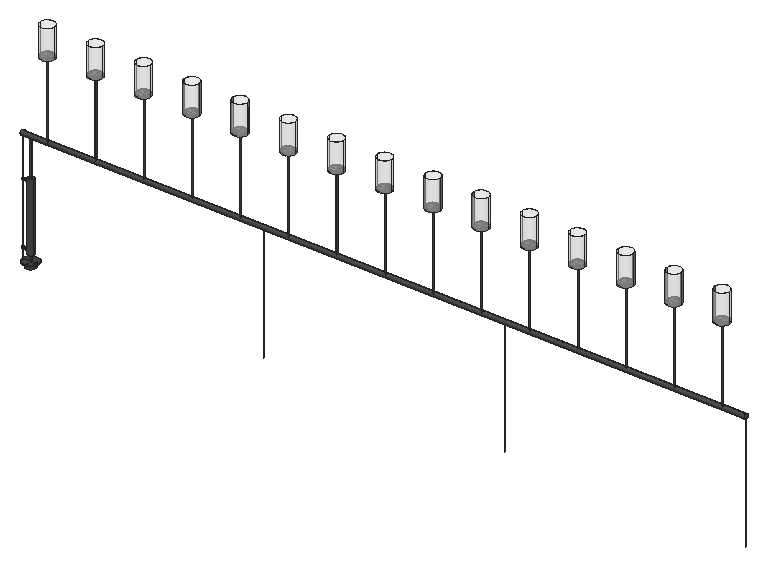
Revit family "Indoor_Pendant Lamp_Santa&Cole_Cirio Lineal", category Luminarias, Revit 2018
Family settings
  Cota de conector redondo = Diámetro de uso
  Tipo de pieza = Normal
  Corte con vacíos al cargar = No
  Origen de luz = No
  Compartido = No
  Punto de cálculo de habitación = No
Parameters (values of type "White Porcelain")
  Voltaje (120-277 V) = 220 V
  Lamp Structure Length [instance] = if([built-in parameter 1001306] > 5050 mm, 5050 mm, if([built-in parameter 1001306] > 3370 mm, 3370 mm, 1690 mm))  # 5050 mm
  User Hanging Length [instance] = 1660 mm
  URL = "https://www.santacole.com/en/catalogue/pendant-lamps/?cirio-lineal"
  Technical Information = "https://www.santacole.com/en/catalogue/pendant-lamps/?cirio-lineal#"
  Support Length [instance] = Hanging Length - 735 mm  # 815 mm
  Modelo = "Cirio Lineal"
  Manufacturer Website = "https://www.santacole.com/en/"
  built-in parameter 1001306 [instance] = 5900 mm
  Load [instance] = Amount of Supports * 3.7 VA  # 14.8 VA
  Lampshade Type = Cirio Lampshade : Porcelain Lampshade
  Lampshade Number [instance] = if([built-in parameter 1001306] > 5050 mm, 15, if([built-in parameter 1001306] > 3370 mm, 10, 5))  # 15
  Hanging Length [instance] = if(User Hanging Length > 1550 mm, 1550 mm, if(User Hanging Length > 615 mm, User Hanging Length, 615 mm))  # 1550 mm
  Fabricante = "Santa & Cole"
  Energy Label = "https://www.santacole.com/recursos/productos/downloads/pdf_energy_label/Energy%20Label_CIRIO_LED_no%20changed.pdf"
  Designed by = "Antoni Arola"
  Contact phone = "+34.938.619.100"
  Contact e-mail = "info@santacole.com"
  Code = ""
  Carga aparente = 0 VA
  Canopy Type [instance] = Structure : Circular Canopy
  Assembly Instructions - UL = "https://www.santacole.com/recursos/productos/downloads/pdf_montaje/CIRIO_Linea_im_UL.pdf"
  Assembly Instructions - CE = "https://www.santacole.com/recursos/productos/downloads/pdf_montaje/CIRIO_Linea_im_CE.pdf"
  Amount of Supports [instance] = if([built-in parameter 1001306] > 5050 mm, 4, if([built-in parameter 1001306] > 3370 mm, 3, 2))  # 4
Types (3, lengths in mm): name | Lampshade Type
  White Porcelain | Cirio Lampshade : Porcelain Lampshade
  Brass | Cirio Lampshade : Brass Lampshade
  White Opal Glass | Cirio Lampshade : White Opal Glass Lampshade
Reference planes
  plane 1 "Centro (Frontal/Posterior)": y = 0
  plane 2: z = 0
  plane 3 "Izquierda": x = 0
  plane 4 "Derecha": x = 5900
  plane 5: x = 5050
  plane 6: z = 1550
  plane 7: z = 1660
  plane 8: z = 815
Forms (mm)
  Sweep 1, solid, material "Santa&Cole - Black Matte Finish"
    path origin (0, 0, 0) x (1, 0, 0) y (0, 0, 1)
      loop
        line (0, 815) -> (5050, 815)
    profile origin (2525, 0, 815) x (0, 0, 1) y (0, -1, 0)
      loop
        circle (0, 0) r 15
  Extrusion 2, solid, material "Santa&Cole - Black Matte Finish"
    sketch origin (5, 0, 0) x (1, 0, 0) y (0, 1, 0)
      loop
        circle (0, 0) r 1
    from 0 to 815 <- "Support Length"
  Extrusion 3, solid, material "Santa&Cole - Black Matte Finish"
    sketch origin (1685, 0, 0) x (1, 0, 0) y (0, 1, 0)
      loop
        circle (0, 0) r 1
    from 0 to 815 <- "Support Length"
  Extrusion 4, solid, material "Santa&Cole - Black Matte Finish"
    sketch origin (3365, 0, 0) x (1, 0, 0) y (0, 1, 0)
      loop
        circle (0, 0) r 1
    from 0 to 815 <- "Support Length"
  Extrusion 5, solid, material "Santa&Cole - Black Matte Finish"
    sketch origin (5045, 0, 0) x (1, 0, 0) y (0, 1, 0)
      loop
        circle (0, 0) r 1
    from 0 to 815 <- "Support Length"
Lines and regions (mm)
  reference lines
    curve 1: line (0, 0, 0) -> (5900, 0, 0)
Dimensions and locks
  "built-in parameter 1001306": plane 3 "Izquierda" to plane 4 "Derecha"
  "Hanging Length": plane 6 to plane 2
  "User Hanging Length": plane 7 to plane 2
  "built-in parameter 1001306": plane 4 "Derecha" to plane 3 "Izquierda"
  "Lamp Structure Length": plane 5 to plane 3 "Izquierda"
  locked: plane 6 to plane 8 at 735
  equal spacing: group 1, group 2, group 3, group 4, group 5, group 8, group 9, group 10, group 11, group 12, group 14, group 15, group 16, group 17, group 18  (x3)
  equal spacing: group 6, group 7, group 13, group 19  (x3)
  aligned and locked: plane 4 "Derecha" to curve 1
  aligned and locked: plane 1 "Centro (Frontal/Posterior)" to curve 1
  aligned and locked: plane 3 "Izquierda" to curve 1
  aligned and locked: level to plane 2
  aligned and locked: plane 8 to nested 16
  aligned and locked: plane 5 to Sweep 1 sketch curve
  aligned and locked: plane 3 "Izquierda" to Sweep 1 sketch curve
Automatic sketch dimensions
  Sweep 1 sketch curve to plane 1 "Centro (Frontal/Posterior)" = 0 mm
  profile plane to Sweep 1 sketch curve = 0 mm
  Sweep 1 sketch curve to plane 8 = 0 mm
  radius of Sweep 1 sketch curve = 15 mm
  radius of Extrusion 2 sketch curve = 1 mm
  radius of Extrusion 3 sketch curve = 1 mm
  radius of Extrusion 4 sketch curve = 1 mm
  radius of Extrusion 5 sketch curve = 1 mm
Nested families
  nested 1: "Cirio Lampshade" at (178, 0, 1550) x (-1, 0, 0) z (0, 0, -1), type <- "Lampshade Type", type "Porcelain Lampshade"
  nested 2: "Cirio Lampshade" at (514, 0, 1550) x (-1, 0, 0) z (0, 0, -1), type <- "Lampshade Type", type "Porcelain Lampshade"
  nested 3: "Cirio Lampshade" at (850, 0, 1550) x (-1, 0, 0) z (0, 0, -1), type <- "Lampshade Type", type "Porcelain Lampshade"
  nested 4: "Cirio Lampshade" at (1186, 0, 1550) x (-1, 0, 0) z (0, 0, -1), type <- "Lampshade Type", type "Porcelain Lampshade"
  nested 5: "Cirio Lampshade" at (1522, 0, 1550) x (-1, 0, 0) z (0, 0, -1), type <- "Lampshade Type", type "Porcelain Lampshade"
  nested 6: "LED Capsule with electric black cable" at (178, 0, 815), type "3m"
    with Led Capsule Distance 539.12 mm, Code "HEL03", Cable Offset 0 mm
  nested 7: "LED Capsule with electric black cable" at (514, 0, 815), type "3m"
    with Led Capsule Distance 539.12 mm, Code "HEL03", Cable Offset 0 mm
  nested 8: "LED Capsule with electric black cable" at (850, 0, 815), type "3m"
    with Led Capsule Distance 539.12 mm, Code "HEL03", Cable Offset 0 mm
  nested 9: "LED Capsule with electric black cable" at (1186, 0, 815), type "3m"
    with Led Capsule Distance 539.12 mm, Code "HEL03", Cable Offset 0 mm
  nested 10: "LED Capsule with electric black cable" at (1522, 0, 815), type "3m"
    with Led Capsule Distance 539.12 mm, Code "HEL03", Cable Offset 0 mm
  nested 11: "Bulb" at (177.948, -180, 1415), type "1521 lm"
  nested 12: "Bulb" at (513.948, -180, 1415), type "1521 lm"
  nested 13: "Bulb" at (849.948, -180, 1415), type "1521 lm"
  nested 14: "Bulb" at (1185.948, -180, 1415), type "1521 lm"
  nested 15: "Bulb" at (1521.948, -180, 1415), type "1521 lm"
  nested 16: "Structure" at (61.25, 0, 0), type <- "Canopy Type", type "Circular Canopy"
    with Hanging Heigth 815 mm
  nested 17: "Cirio Lampshade" at (1858, 0, 1550) x (-1, 0, 0) z (0, 0, -1), type <- "Lampshade Type", type "Porcelain Lampshade"
  nested 18: "LED Capsule with electric black cable" at (1858, 0, 815), type "3m"
    with Led Capsule Distance 539.12 mm, Code "HEL03", Cable Offset 0 mm
  nested 19: "Bulb" at (1857.948, -180, 1415), type "1521 lm"
  nested 20: "Cirio Lampshade" at (2194, 0, 1550) x (-1, 0, 0) z (0, 0, -1), type <- "Lampshade Type", type "Porcelain Lampshade"
  nested 21: "LED Capsule with electric black cable" at (2194, 0, 815), type "3m"
    with Led Capsule Distance 539.12 mm, Code "HEL03", Cable Offset 0 mm
  nested 22: "Bulb" at (2193.948, -180, 1415), type "1521 lm"
  nested 23: "Cirio Lampshade" at (2530, 0, 1550) x (-1, 0, 0) z (0, 0, -1), type <- "Lampshade Type", type "Porcelain Lampshade"
  nested 24: "LED Capsule with electric black cable" at (2530, 0, 815), type "3m"
    with Led Capsule Distance 539.12 mm, Code "HEL03", Cable Offset 0 mm
  nested 25: "Bulb" at (2529.948, -180, 1415), type "1521 lm"
  nested 26: "Cirio Lampshade" at (2866, 0, 1550) x (-1, 0, 0) z (0, 0, -1), type <- "Lampshade Type", type "Porcelain Lampshade"
  nested 27: "LED Capsule with electric black cable" at (2866, 0, 815), type "3m"
    with Led Capsule Distance 539.12 mm, Code "HEL03", Cable Offset 0 mm
  nested 28: "Bulb" at (2865.948, -180, 1415), type "1521 lm"
  nested 29: "Cirio Lampshade" at (3202, 0, 1550) x (-1, 0, 0) z (0, 0, -1), type <- "Lampshade Type", type "Porcelain Lampshade"
  nested 30: "LED Capsule with electric black cable" at (3202, 0, 815), type "3m"
    with Led Capsule Distance 539.12 mm, Code "HEL03", Cable Offset 0 mm
  nested 31: "Bulb" at (3201.948, -180, 1415), type "1521 lm"
  nested 32: "Cirio Lampshade" at (3538, 0, 1550) x (-1, 0, 0) z (0, 0, -1), type <- "Lampshade Type", type "Porcelain Lampshade"
  nested 33: "LED Capsule with electric black cable" at (3538, 0, 815), type "3m"
    with Led Capsule Distance 539.12 mm, Code "HEL03", Cable Offset 0 mm
  nested 34: "Bulb" at (3537.948, -180, 1415), type "1521 lm"
  nested 35: "Cirio Lampshade" at (3874, 0, 1550) x (-1, 0, 0) z (0, 0, -1), type <- "Lampshade Type", type "Porcelain Lampshade"
  nested 36: "LED Capsule with electric black cable" at (3874, 0, 815), type "3m"
    with Led Capsule Distance 539.12 mm, Code "HEL03", Cable Offset 0 mm
  nested 37: "Bulb" at (3873.948, -180, 1415), type "1521 lm"
  nested 38: "Cirio Lampshade" at (4210, 0, 1550) x (-1, 0, 0) z (0, 0, -1), type <- "Lampshade Type", type "Porcelain Lampshade"
  nested 39: "LED Capsule with electric black cable" at (4210, 0, 815), type "3m"
    with Led Capsule Distance 539.12 mm, Code "HEL03", Cable Offset 0 mm
  nested 40: "Bulb" at (4209.948, -180, 1415), type "1521 lm"
  nested 41: "Cirio Lampshade" at (4546, 0, 1550) x (-1, 0, 0) z (0, 0, -1), type <- "Lampshade Type", type "Porcelain Lampshade"
  nested 42: "LED Capsule with electric black cable" at (4546, 0, 815), type "3m"
    with Led Capsule Distance 539.12 mm, Code "HEL03", Cable Offset 0 mm
  nested 43: "Bulb" at (4545.948, -180, 1415), type "1521 lm"
  nested 44: "Cirio Lampshade" at (4882, 0, 1550) x (-1, 0, 0) z (0, 0, -1), type <- "Lampshade Type", type "Porcelain Lampshade"
  nested 45: "LED Capsule with electric black cable" at (4882, 0, 815), type "3m"
    with Led Capsule Distance 539.12 mm, Code "HEL03", Cable Offset 0 mm
  nested 46: "Bulb" at (4881.948, -180, 1415), type "1521 lm"
Connectors
  electrical at (60, 0, 0), driven by "Voltaje (120-277 V)", driven by "Carga aparente"
    settings: index 1, voltage 220 V, apparent load 0 VA, apparent load phase1 0 VA, apparent load phase2 0 VA, apparent load phase3 0 VA, power factor 1, load classification "Otro", number of poles 1, system type 31, power factor state 1, is connector primary yes, connector utility no, sub classification motor no, connector description ""
Definition of nested family "Cirio Lampshade"
  Parameters (values of type "Brass Lampshade")
    White Opal Glass Lampshade = no
    Porcelain Lampshade = no
    Default Elevation = 1219.2 mm
    Brass Lampshade = yes
  Types (4, lengths in mm): name | White Opal Glass Lampshade | Porcelain Lampshade | Brass Lampshade
    (no name) | no | no | yes
    White Opal Glass Lampshade | yes | no | no
    Porcelain Lampshade | no | yes | no
    Brass Lampshade | no | no | yes
  Reference planes
    plane 1 "Eje de origen de luz (F/P)": y = 0
    plane 2: z = 0
    plane 3 "Eje de origen de luz (I/D)": x = 0
    plane 4 "Elevación de origen de luz": z = 1500
  Forms (mm)
    Revolve 1, solid, visible <- "White Opal Glass Lampshade"
      sketch origin (0, 0, 205) x (1, 0, 0) y (0, 0, 1)
        loop
          line (-46.5, 0) -> (-55.5, 0) -> (-55.5, -205) -> (-48.5, -205) -> (-48.5, -7)
          arc (-48.5, -7) -> (-47.759, -6.034) -> (-46.634, -6.5) r 1
          arc (-46.634, -6.5) -> (-46.268, -6.866) -> (-45.768, -7) r 1
          line (-45.768, -7) -> (-43, -7) -> (-43, -4) -> (-44.5, -4) -> (-46.5, 0)
        axis (0, -205) -> (0, 0)
      angle from 0 to 360
    Revolve 2, solid, visible <- "Porcelain Lampshade"
      sketch origin (0, 0, 205) x (1, 0, 0) y (0, 0, 1)
        loop
          line (-46.5, 0) -> (-50.5, 0) -> (-50.5, -205) -> (-48.5, -205) -> (-48.5, -7)
          arc (-48.5, -7) -> (-47.759, -6.034) -> (-46.634, -6.5) r 1
          arc (-46.634, -6.5) -> (-46.268, -6.866) -> (-45.768, -7) r 1
          line (-45.768, -7) -> (-43, -7) -> (-43, -4) -> (-44.5, -4) -> (-46.5, 0)
        axis (0, -205) -> (0, 0)
      angle from 0 to 360
    Revolve 3, solid, visible <- "Brass Lampshade"
      sketch origin (0, 0, 205) x (1, 0, 0) y (0, 0, 1)
        loop
          line (-46.5, 0) -> (-50.5, 0) -> (-50.5, -146.81)
          arc (-50.5, -146.81) -> (-50.837, -154.972) -> (-51.847, -163.079) r 98.93
          line (-51.847, -163.079) -> (-58.836, -205) -> (-57.822, -205) -> (-50.86, -163.243)
          arc (-50.86, -163.243) -> (-49.841, -155.055) -> (-49.5, -146.81) r 99.93
          line (-49.5, -146.81) -> (-49.5, -1) -> (-47.118, -1) -> (-45.768, -3.7) -> (-45.768, -7) -> (-43, -7) -> (-43, -4) -> (-44.5, -4) -> (-46.5, 0)
        axis (0, -205) -> (0, 0)
      angle from 0 to 360
  Dimensions and locks
    aligned and locked: level to plane 2
Definition of nested family "LED Capsule with electric black cable"
  Parameters (values of type "8m")
    Manufacturer = "Santa & Cole"
    Led Capsule Distance [instance] = 800 mm
    Default Elevation = 1219.2 mm
    Code [instance] = "HEL08"
    Cable Offset [instance] = 60 mm
  Types (2, lengths in mm): name | Led Capsule Distance | Code
    3m | 758 | "HEL03"
    8m | 800 | "HEL08"
  Reference planes
    plane 1 "Center (Front/Back)": y = 0
    plane 2: z = 0
    plane 3 "Center (Left/Right)": x = 0
    plane 4: z = 800
    plane 5: z = 60
    plane 6: z = 425.743
  Forms (mm)
    Revolve 1, solid
      sketch origin (0, 0, 374.257) x (1, 0, 0) y (0, 0, 1)
        loop
          line (-45.024, 425.743) -> (-44.955, 423.762) -> (-33.806, 423.762) -> (-31.537, 410.891) -> (0, 410.891) -> (0, 425.743) -> (-45.024, 425.743)
        axis (0, 425.743) -> (0, 410.891)
      angle from 0 to 360
    Sweep 2, solid
      path origin (-15, 0, 0) x (1, 0, 0) y (0, 0, 1)
        loop
          line (15, 800) -> (15, 60)
      profile origin (0, 0, 430) x (0, -1, 0) y (1, 0, 0)
        loop
          circle (0, 0) r 3
    Blend 3, void
      base sketch origin (0, 0, 800) x (-1, 0, 0) y (0, -1, 0)
        loop
          arc (1.5, -14.793) -> (0.131, -14.868) -> (-1.238, -14.817) r 14.869
          line (-1.238, -14.817) -> (-6.154, -40.722)
          arc (-6.154, -40.722) -> (0.371, -41.303) -> (6.896, -40.722) r 36.889
          line (6.896, -40.722) -> (1.5, -14.793)
      top sketch origin (0, 0, 800) x (-1, 0, 0) y (0, -1, 0)
        loop
          arc (-6.719, -40.751) -> (0.365, -41.3) -> (7.438, -40.626) r 41.301
          line (7.438, -40.626) -> (1.936, -14.187)
          arc (1.936, -14.187) -> (0.126, -14.318) -> (-1.685, -14.219) r 14.319
          line (-1.685, -14.219) -> (-6.719, -40.751)
      from -4.455 to -14.862
    Blend 4, void
      base sketch origin (0.104, -0.105, 800) x (-0.002123, -0.999998, 0) y (0.999998, -0.002123, 0)
        loop
          arc (1.5, -14.793) -> (0.131, -14.868) -> (-1.238, -14.817) r 14.869
          line (-1.238, -14.817) -> (-6.154, -40.722)
          arc (-6.154, -40.722) -> (0.371, -41.303) -> (6.896, -40.722) r 36.889
          line (6.896, -40.722) -> (1.5, -14.793)
      top sketch origin (0.104, -0.105, 800) x (-0.002123, -0.999998, 0) y (0.999998, -0.002123, 0)
        loop
          arc (-6.719, -40.751) -> (0.365, -41.3) -> (7.438, -40.626) r 41.301
          line (7.438, -40.626) -> (1.936, -14.187)
          arc (1.936, -14.187) -> (0.126, -14.318) -> (-1.685, -14.219) r 14.319
          line (-1.685, -14.219) -> (-6.719, -40.751)
      from -4.455 to -14.862
    Blend 5, void
      base sketch origin (0.008, -0.04, 800) x (-0.924082, -0.382193, 0) y (0.382193, -0.924082, 0)
        loop
          arc (1.5, -14.793) -> (0.131, -14.868) -> (-1.238, -14.817) r 14.869
          line (-1.238, -14.817) -> (-6.154, -40.722)
          arc (-6.154, -40.722) -> (0.371, -41.303) -> (6.896, -40.722) r 36.889
          line (6.896, -40.722) -> (1.5, -14.793)
      top sketch origin (0.008, -0.04, 800) x (-0.924082, -0.382193, 0) y (0.382193, -0.924082, 0)
        loop
          arc (-6.719, -40.751) -> (0.365, -41.3) -> (7.438, -40.626) r 41.301
          line (7.438, -40.626) -> (1.936, -14.187)
          arc (1.936, -14.187) -> (0.126, -14.318) -> (-1.685, -14.219) r 14.319
          line (-1.685, -14.219) -> (-6.719, -40.751)
      from -4.455 to -14.862
    Blend 6, void
      base sketch origin (0.031, -0.074, 800) x (-0.707857, -0.706356, 0) y (0.706356, -0.707857, 0)
        loop
          arc (1.5, -14.793) -> (0.131, -14.868) -> (-1.238, -14.817) r 14.869
          line (-1.238, -14.817) -> (-6.154, -40.722)
          arc (-6.154, -40.722) -> (0.371, -41.303) -> (6.896, -40.722) r 36.889
          line (6.896, -40.722) -> (1.5, -14.793)
      top sketch origin (0.031, -0.074, 800) x (-0.707857, -0.706356, 0) y (0.706356, -0.707857, 0)
        loop
          arc (-6.719, -40.751) -> (0.365, -41.3) -> (7.438, -40.626) r 41.301
          line (7.438, -40.626) -> (1.936, -14.187)
          arc (1.936, -14.187) -> (0.126, -14.318) -> (-1.685, -14.219) r 14.319
          line (-1.685, -14.219) -> (-6.719, -40.751)
      from -4.455 to -14.862
    Blend 7, void
      base sketch origin (0.064, -0.097, 800) x (-0.384154, -0.923269, 0) y (0.923269, -0.384154, 0)
        loop
          arc (1.5, -14.793) -> (0.131, -14.868) -> (-1.238, -14.817) r 14.869
          line (-1.238, -14.817) -> (-6.154, -40.722)
          arc (-6.154, -40.722) -> (0.371, -41.303) -> (6.896, -40.722) r 36.889
          line (6.896, -40.722) -> (1.5, -14.793)
      top sketch origin (0.064, -0.097, 800) x (-0.384154, -0.923269, 0) y (0.923269, -0.384154, 0)
        loop
          arc (-6.719, -40.751) -> (0.365, -41.3) -> (7.438, -40.626) r 41.301
          line (7.438, -40.626) -> (1.936, -14.187)
          arc (1.936, -14.187) -> (0.126, -14.318) -> (-1.685, -14.219) r 14.319
          line (-1.685, -14.219) -> (-6.719, -40.751)
      from -4.455 to -14.862
    Blend 8, void
      base sketch origin (0.144, -0.097, 800) x (0.38023, -0.924892, 0) y (0.924892, 0.38023, 0)
        loop
          arc (1.5, -14.793) -> (0.131, -14.868) -> (-1.238, -14.817) r 14.869
          line (-1.238, -14.817) -> (-6.154, -40.722)
          arc (-6.154, -40.722) -> (0.371, -41.303) -> (6.896, -40.722) r 36.889
          line (6.896, -40.722) -> (1.5, -14.793)
      top sketch origin (0.144, -0.097, 800) x (0.38023, -0.924892, 0) y (0.924892, 0.38023, 0)
        loop
          arc (-6.719, -40.751) -> (0.365, -41.3) -> (7.438, -40.626) r 41.301
          line (7.438, -40.626) -> (1.936, -14.187)
          arc (1.936, -14.187) -> (0.126, -14.318) -> (-1.685, -14.219) r 14.319
          line (-1.685, -14.219) -> (-6.719, -40.751)
      from -4.455 to -14.862
    Blend 9, void
      base sketch origin (0.178, -0.074, 800) x (0.704852, -0.709355, 0) y (0.709355, 0.704852, 0)
        loop
          arc (1.5, -14.793) -> (0.131, -14.868) -> (-1.238, -14.817) r 14.869
          line (-1.238, -14.817) -> (-6.154, -40.722)
          arc (-6.154, -40.722) -> (0.371, -41.303) -> (6.896, -40.722) r 36.889
          line (6.896, -40.722) -> (1.5, -14.793)
      top sketch origin (0.178, -0.074, 800) x (0.704852, -0.709355, 0) y (0.709355, 0.704852, 0)
        loop
          arc (-6.719, -40.751) -> (0.365, -41.3) -> (7.438, -40.626) r 41.301
          line (7.438, -40.626) -> (1.936, -14.187)
          arc (1.936, -14.187) -> (0.126, -14.318) -> (-1.685, -14.219) r 14.319
          line (-1.685, -14.219) -> (-6.719, -40.751)
      from -4.455 to -14.862
    Blend 10, void
      base sketch origin (0.201, -0.04, 800) x (0.922451, -0.386113, 0) y (0.386113, 0.922451, 0)
        loop
          arc (1.5, -14.793) -> (0.131, -14.868) -> (-1.238, -14.817) r 14.869
          line (-1.238, -14.817) -> (-6.154, -40.722)
          arc (-6.154, -40.722) -> (0.371, -41.303) -> (6.896, -40.722) r 36.889
          line (6.896, -40.722) -> (1.5, -14.793)
      top sketch origin (0.201, -0.04, 800) x (0.922451, -0.386113, 0) y (0.386113, 0.922451, 0)
        loop
          arc (-6.719, -40.751) -> (0.365, -41.3) -> (7.438, -40.626) r 41.301
          line (7.438, -40.626) -> (1.936, -14.187)
          arc (1.936, -14.187) -> (0.126, -14.318) -> (-1.685, -14.219) r 14.319
          line (-1.685, -14.219) -> (-6.719, -40.751)
      from -4.455 to -14.862
    Blend 11, void
      base sketch origin (0.209, 0, 800) x (0.999991, -0.004246, 0) y (0.004246, 0.999991, 0)
        loop
          arc (1.5, -14.793) -> (0.131, -14.868) -> (-1.238, -14.817) r 14.869
          line (-1.238, -14.817) -> (-6.154, -40.722)
          arc (-6.154, -40.722) -> (0.371, -41.303) -> (6.896, -40.722) r 36.889
          line (6.896, -40.722) -> (1.5, -14.793)
      top sketch origin (0.209, 0, 800) x (0.999991, -0.004246, 0) y (0.004246, 0.999991, 0)
        loop
          arc (-6.719, -40.751) -> (0.365, -41.3) -> (7.438, -40.626) r 41.301
          line (7.438, -40.626) -> (1.936, -14.187)
          arc (1.936, -14.187) -> (0.126, -14.318) -> (-1.685, -14.219) r 14.319
          line (-1.685, -14.219) -> (-6.719, -40.751)
      from -4.455 to -14.862
    Blend 12, void
      base sketch origin (0.201, 0.04, 800) x (0.925697, 0.378266, 0) y (-0.378266, 0.925697, 0)
        loop
          arc (1.5, -14.793) -> (0.131, -14.868) -> (-1.238, -14.817) r 14.869
          line (-1.238, -14.817) -> (-6.154, -40.722)
          arc (-6.154, -40.722) -> (0.371, -41.303) -> (6.896, -40.722) r 36.889
          line (6.896, -40.722) -> (1.5, -14.793)
      top sketch origin (0.201, 0.04, 800) x (0.925697, 0.378266, 0) y (-0.378266, 0.925697, 0)
        loop
          arc (-6.719, -40.751) -> (0.365, -41.3) -> (7.438, -40.626) r 41.301
          line (7.438, -40.626) -> (1.936, -14.187)
          arc (1.936, -14.187) -> (0.126, -14.318) -> (-1.685, -14.219) r 14.319
          line (-1.685, -14.219) -> (-6.719, -40.751)
      from -4.455 to -14.862
    Blend 13, void
      base sketch origin (0.179, 0.074, 800) x (0.71085, 0.703344, 0) y (-0.703344, 0.71085, 0)
        loop
          arc (1.5, -14.793) -> (0.131, -14.868) -> (-1.238, -14.817) r 14.869
          line (-1.238, -14.817) -> (-6.154, -40.722)
          arc (-6.154, -40.722) -> (0.371, -41.303) -> (6.896, -40.722) r 36.889
          line (6.896, -40.722) -> (1.5, -14.793)
      top sketch origin (0.179, 0.074, 800) x (0.71085, 0.703344, 0) y (-0.703344, 0.71085, 0)
        loop
          arc (-6.719, -40.751) -> (0.365, -41.3) -> (7.438, -40.626) r 41.301
          line (7.438, -40.626) -> (1.936, -14.187)
          arc (1.936, -14.187) -> (0.126, -14.318) -> (-1.685, -14.219) r 14.319
          line (-1.685, -14.219) -> (-6.719, -40.751)
      from -4.455 to -14.862
    Blend 14, void
      base sketch origin (0.145, 0.096, 800) x (0.38807, 0.92163, 0) y (-0.92163, 0.38807, 0)
        loop
          arc (1.5, -14.793) -> (0.131, -14.868) -> (-1.238, -14.817) r 14.869
          line (-1.238, -14.817) -> (-6.154, -40.722)
          arc (-6.154, -40.722) -> (0.371, -41.303) -> (6.896, -40.722) r 36.889
          line (6.896, -40.722) -> (1.5, -14.793)
      top sketch origin (0.145, 0.096, 800) x (0.38807, 0.92163, 0) y (-0.92163, 0.38807, 0)
        loop
          arc (-6.719, -40.751) -> (0.365, -41.3) -> (7.438, -40.626) r 41.301
          line (7.438, -40.626) -> (1.936, -14.187)
          arc (1.936, -14.187) -> (0.126, -14.318) -> (-1.685, -14.219) r 14.319
          line (-1.685, -14.219) -> (-6.719, -40.751)
      from -4.455 to -14.862
    Blend 15, void
      base sketch origin (0.105, 0.105, 800) x (0.006369, 0.99998, 0) y (-0.99998, 0.006369, 0)
        loop
          arc (1.5, -14.793) -> (0.131, -14.868) -> (-1.238, -14.817) r 14.869
          line (-1.238, -14.817) -> (-6.154, -40.722)
          arc (-6.154, -40.722) -> (0.371, -41.303) -> (6.896, -40.722) r 36.889
          line (6.896, -40.722) -> (1.5, -14.793)
      top sketch origin (0.105, 0.105, 800) x (0.006369, 0.99998, 0) y (-0.99998, 0.006369, 0)
        loop
          arc (-6.719, -40.751) -> (0.365, -41.3) -> (7.438, -40.626) r 41.301
          line (7.438, -40.626) -> (1.936, -14.187)
          arc (1.936, -14.187) -> (0.126, -14.318) -> (-1.685, -14.219) r 14.319
          line (-1.685, -14.219) -> (-6.719, -40.751)
      from -4.455 to -14.862
    Blend 16, void
      base sketch origin (0.065, 0.097, 800) x (-0.3763, 0.926498, 0) y (-0.926498, -0.3763, 0)
        loop
          arc (1.5, -14.793) -> (0.131, -14.868) -> (-1.238, -14.817) r 14.869
          line (-1.238, -14.817) -> (-6.154, -40.722)
          arc (-6.154, -40.722) -> (0.371, -41.303) -> (6.896, -40.722) r 36.889
          line (6.896, -40.722) -> (1.5, -14.793)
      top sketch origin (0.065, 0.097, 800) x (-0.3763, 0.926498, 0) y (-0.926498, -0.3763, 0)
        loop
          arc (-6.719, -40.751) -> (0.365, -41.3) -> (7.438, -40.626) r 41.301
          line (7.438, -40.626) -> (1.936, -14.187)
          arc (1.936, -14.187) -> (0.126, -14.318) -> (-1.685, -14.219) r 14.319
          line (-1.685, -14.219) -> (-6.719, -40.751)
      from -4.455 to -14.862
    Blend 17, void
      base sketch origin (0.031, 0.074, 800) x (-0.701833, 0.712341, 0) y (-0.712341, -0.701833, 0)
        loop
          arc (1.5, -14.793) -> (0.131, -14.868) -> (-1.238, -14.817) r 14.869
          line (-1.238, -14.817) -> (-6.154, -40.722)
          arc (-6.154, -40.722) -> (0.371, -41.303) -> (6.896, -40.722) r 36.889
          line (6.896, -40.722) -> (1.5, -14.793)
      top sketch origin (0.031, 0.074, 800) x (-0.701833, 0.712341, 0) y (-0.712341, -0.701833, 0)
        loop
          arc (-6.719, -40.751) -> (0.365, -41.3) -> (7.438, -40.626) r 41.301
          line (7.438, -40.626) -> (1.936, -14.187)
          arc (1.936, -14.187) -> (0.126, -14.318) -> (-1.685, -14.219) r 14.319
          line (-1.685, -14.219) -> (-6.719, -40.751)
      from -4.455 to -14.862
    Blend 18, void
      base sketch origin (0.008, 0.041, 800) x (-0.920804, 0.390026, 0) y (-0.390026, -0.920804, 0)
        loop
          arc (1.5, -14.793) -> (0.131, -14.868) -> (-1.238, -14.817) r 14.869
          line (-1.238, -14.817) -> (-6.154, -40.722)
          arc (-6.154, -40.722) -> (0.371, -41.303) -> (6.896, -40.722) r 36.889
          line (6.896, -40.722) -> (1.5, -14.793)
      top sketch origin (0.008, 0.041, 800) x (-0.920804, 0.390026, 0) y (-0.390026, -0.920804, 0)
        loop
          arc (-6.719, -40.751) -> (0.365, -41.3) -> (7.438, -40.626) r 41.301
          line (7.438, -40.626) -> (1.936, -14.187)
          arc (1.936, -14.187) -> (0.126, -14.318) -> (-1.685, -14.219) r 14.319
          line (-1.685, -14.219) -> (-6.719, -40.751)
      from -4.455 to -14.862
    Revolve 19, solid
      sketch origin (0, 0, 374.257) x (1, 0, 0) y (0, 0, 1)
        loop
          spline (0, 445.743) -> (-5.221, 445.571) -> (-10.353, 445.061) -> (-15.307, 444.22) -> (-20, 443.063) -> (-24.35, 441.61) -> (-28.284, 439.885) -> (-31.734, 437.918) -> (-34.641, 435.743) -> (-36.955, 433.396) -> (-38.637, 430.919) -> (-39.658, 428.353) -> (-40, 425.743)
          line (-40, 425.743) -> (0, 425.743) -> (0, 445.743)
        axis (0, 445.743) -> (0, 425.743)
      angle from 0 to 360
    Revolve 20, solid, not visible
      sketch origin (0, 0, 0) x (1, 0, 0) y (0, 0, 1)
        loop
          line (-45.024, 425.743) -> (-44.955, 423.762) -> (-33.806, 423.762) -> (-31.537, 410.891) -> (0, 410.891) -> (0, 425.743) -> (-45.024, 425.743)
        axis (0, 425.743) -> (0, 410.891)
      angle from 0 to 360
    Blend 21, void, not visible
      base sketch origin (0, 0, 425.743) x (-1, 0, 0) y (0, -1, 0)
        loop
          arc (1.5, -14.793) -> (0.131, -14.868) -> (-1.238, -14.817) r 14.869
          line (-1.238, -14.817) -> (-6.154, -40.722)
          arc (-6.154, -40.722) -> (0.371, -41.303) -> (6.896, -40.722) r 36.889
          line (6.896, -40.722) -> (1.5, -14.793)
      top sketch origin (0, 0, 425.743) x (-1, 0, 0) y (0, -1, 0)
        loop
          arc (-6.719, -40.751) -> (0.365, -41.3) -> (7.438, -40.626) r 41.301
          line (7.438, -40.626) -> (1.936, -14.187)
          arc (1.936, -14.187) -> (0.126, -14.318) -> (-1.685, -14.219) r 14.319
          line (-1.685, -14.219) -> (-6.719, -40.751)
      from -4.455 to -14.862
    Blend 22, void, not visible
      base sketch origin (0.104, -0.105, 425.743) x (-0.002123, -0.999998, 0) y (0.999998, -0.002123, 0)
        loop
          arc (1.5, -14.793) -> (0.131, -14.868) -> (-1.238, -14.817) r 14.869
          line (-1.238, -14.817) -> (-6.154, -40.722)
          arc (-6.154, -40.722) -> (0.371, -41.303) -> (6.896, -40.722) r 36.889
          line (6.896, -40.722) -> (1.5, -14.793)
      top sketch origin (0.104, -0.105, 425.743) x (-0.002123, -0.999998, 0) y (0.999998, -0.002123, 0)
        loop
          arc (-6.719, -40.751) -> (0.365, -41.3) -> (7.438, -40.626) r 41.301
          line (7.438, -40.626) -> (1.936, -14.187)
          arc (1.936, -14.187) -> (0.126, -14.318) -> (-1.685, -14.219) r 14.319
          line (-1.685, -14.219) -> (-6.719, -40.751)
      from -4.455 to -14.862
    Blend 23, void, not visible
      base sketch origin (0.008, -0.04, 425.743) x (-0.924082, -0.382193, 0) y (0.382193, -0.924082, 0)
        loop
          arc (1.5, -14.793) -> (0.131, -14.868) -> (-1.238, -14.817) r 14.869
          line (-1.238, -14.817) -> (-6.154, -40.722)
          arc (-6.154, -40.722) -> (0.371, -41.303) -> (6.896, -40.722) r 36.889
          line (6.896, -40.722) -> (1.5, -14.793)
      top sketch origin (0.008, -0.04, 425.743) x (-0.924082, -0.382193, 0) y (0.382193, -0.924082, 0)
        loop
          arc (-6.719, -40.751) -> (0.365, -41.3) -> (7.438, -40.626) r 41.301
          line (7.438, -40.626) -> (1.936, -14.187)
          arc (1.936, -14.187) -> (0.126, -14.318) -> (-1.685, -14.219) r 14.319
          line (-1.685, -14.219) -> (-6.719, -40.751)
      from -4.455 to -14.862
    Blend 24, void, not visible
      base sketch origin (0.031, -0.074, 425.743) x (-0.707857, -0.706356, 0) y (0.706356, -0.707857, 0)
        loop
          arc (1.5, -14.793) -> (0.131, -14.868) -> (-1.238, -14.817) r 14.869
          line (-1.238, -14.817) -> (-6.154, -40.722)
          arc (-6.154, -40.722) -> (0.371, -41.303) -> (6.896, -40.722) r 36.889
          line (6.896, -40.722) -> (1.5, -14.793)
      top sketch origin (0.031, -0.074, 425.743) x (-0.707857, -0.706356, 0) y (0.706356, -0.707857, 0)
        loop
          arc (-6.719, -40.751) -> (0.365, -41.3) -> (7.438, -40.626) r 41.301
          line (7.438, -40.626) -> (1.936, -14.187)
          arc (1.936, -14.187) -> (0.126, -14.318) -> (-1.685, -14.219) r 14.319
          line (-1.685, -14.219) -> (-6.719, -40.751)
      from -4.455 to -14.862
    Blend 25, void, not visible
      base sketch origin (0.064, -0.097, 425.743) x (-0.384154, -0.923269, 0) y (0.923269, -0.384154, 0)
        loop
          arc (1.5, -14.793) -> (0.131, -14.868) -> (-1.238, -14.817) r 14.869
          line (-1.238, -14.817) -> (-6.154, -40.722)
          arc (-6.154, -40.722) -> (0.371, -41.303) -> (6.896, -40.722) r 36.889
          line (6.896, -40.722) -> (1.5, -14.793)
      top sketch origin (0.064, -0.097, 425.743) x (-0.384154, -0.923269, 0) y (0.923269, -0.384154, 0)
        loop
          arc (-6.719, -40.751) -> (0.365, -41.3) -> (7.438, -40.626) r 41.301
          line (7.438, -40.626) -> (1.936, -14.187)
          arc (1.936, -14.187) -> (0.126, -14.318) -> (-1.685, -14.219) r 14.319
          line (-1.685, -14.219) -> (-6.719, -40.751)
      from -4.455 to -14.862
    Blend 26, void, not visible
      base sketch origin (0.144, -0.097, 425.743) x (0.38023, -0.924892, 0) y (0.924892, 0.38023, 0)
        loop
          arc (1.5, -14.793) -> (0.131, -14.868) -> (-1.238, -14.817) r 14.869
          line (-1.238, -14.817) -> (-6.154, -40.722)
          arc (-6.154, -40.722) -> (0.371, -41.303) -> (6.896, -40.722) r 36.889
          line (6.896, -40.722) -> (1.5, -14.793)
      top sketch origin (0.144, -0.097, 425.743) x (0.38023, -0.924892, 0) y (0.924892, 0.38023, 0)
        loop
          arc (-6.719, -40.751) -> (0.365, -41.3) -> (7.438, -40.626) r 41.301
          line (7.438, -40.626) -> (1.936, -14.187)
          arc (1.936, -14.187) -> (0.126, -14.318) -> (-1.685, -14.219) r 14.319
          line (-1.685, -14.219) -> (-6.719, -40.751)
      from -4.455 to -14.862
    Blend 27, void, not visible
      base sketch origin (0.178, -0.074, 425.743) x (0.704852, -0.709355, 0) y (0.709355, 0.704852, 0)
        loop
          arc (1.5, -14.793) -> (0.131, -14.868) -> (-1.238, -14.817) r 14.869
          line (-1.238, -14.817) -> (-6.154, -40.722)
          arc (-6.154, -40.722) -> (0.371, -41.303) -> (6.896, -40.722) r 36.889
          line (6.896, -40.722) -> (1.5, -14.793)
      top sketch origin (0.178, -0.074, 425.743) x (0.704852, -0.709355, 0) y (0.709355, 0.704852, 0)
        loop
          arc (-6.719, -40.751) -> (0.365, -41.3) -> (7.438, -40.626) r 41.301
          line (7.438, -40.626) -> (1.936, -14.187)
          arc (1.936, -14.187) -> (0.126, -14.318) -> (-1.685, -14.219) r 14.319
          line (-1.685, -14.219) -> (-6.719, -40.751)
      from -4.455 to -14.862
    Blend 28, void, not visible
      base sketch origin (0.201, -0.04, 425.743) x (0.922451, -0.386113, 0) y (0.386113, 0.922451, 0)
        loop
          arc (1.5, -14.793) -> (0.131, -14.868) -> (-1.238, -14.817) r 14.869
          line (-1.238, -14.817) -> (-6.154, -40.722)
          arc (-6.154, -40.722) -> (0.371, -41.303) -> (6.896, -40.722) r 36.889
          line (6.896, -40.722) -> (1.5, -14.793)
      top sketch origin (0.201, -0.04, 425.743) x (0.922451, -0.386113, 0) y (0.386113, 0.922451, 0)
        loop
          arc (-6.719, -40.751) -> (0.365, -41.3) -> (7.438, -40.626) r 41.301
          line (7.438, -40.626) -> (1.936, -14.187)
          arc (1.936, -14.187) -> (0.126, -14.318) -> (-1.685, -14.219) r 14.319
          line (-1.685, -14.219) -> (-6.719, -40.751)
      from -4.455 to -14.862
    Blend 29, void, not visible
      base sketch origin (0.209, 0, 425.743) x (0.999991, -0.004246, 0) y (0.004246, 0.999991, 0)
        loop
          arc (1.5, -14.793) -> (0.131, -14.868) -> (-1.238, -14.817) r 14.869
          line (-1.238, -14.817) -> (-6.154, -40.722)
          arc (-6.154, -40.722) -> (0.371, -41.303) -> (6.896, -40.722) r 36.889
          line (6.896, -40.722) -> (1.5, -14.793)
      top sketch origin (0.209, 0, 425.743) x (0.999991, -0.004246, 0) y (0.004246, 0.999991, 0)
        loop
          arc (-6.719, -40.751) -> (0.365, -41.3) -> (7.438, -40.626) r 41.301
          line (7.438, -40.626) -> (1.936, -14.187)
          arc (1.936, -14.187) -> (0.126, -14.318) -> (-1.685, -14.219) r 14.319
          line (-1.685, -14.219) -> (-6.719, -40.751)
      from -4.455 to -14.862
    Blend 30, void, not visible
      base sketch origin (0.201, 0.04, 425.743) x (0.925697, 0.378266, 0) y (-0.378266, 0.925697, 0)
        loop
          arc (1.5, -14.793) -> (0.131, -14.868) -> (-1.238, -14.817) r 14.869
          line (-1.238, -14.817) -> (-6.154, -40.722)
          arc (-6.154, -40.722) -> (0.371, -41.303) -> (6.896, -40.722) r 36.889
          line (6.896, -40.722) -> (1.5, -14.793)
      top sketch origin (0.201, 0.04, 425.743) x (0.925697, 0.378266, 0) y (-0.378266, 0.925697, 0)
        loop
          arc (-6.719, -40.751) -> (0.365, -41.3) -> (7.438, -40.626) r 41.301
          line (7.438, -40.626) -> (1.936, -14.187)
          arc (1.936, -14.187) -> (0.126, -14.318) -> (-1.685, -14.219) r 14.319
          line (-1.685, -14.219) -> (-6.719, -40.751)
      from -4.455 to -14.862
    Blend 31, void, not visible
      base sketch origin (0.179, 0.074, 425.743) x (0.71085, 0.703344, 0) y (-0.703344, 0.71085, 0)
        loop
          arc (1.5, -14.793) -> (0.131, -14.868) -> (-1.238, -14.817) r 14.869
          line (-1.238, -14.817) -> (-6.154, -40.722)
          arc (-6.154, -40.722) -> (0.371, -41.303) -> (6.896, -40.722) r 36.889
          line (6.896, -40.722) -> (1.5, -14.793)
      top sketch origin (0.179, 0.074, 425.743) x (0.71085, 0.703344, 0) y (-0.703344, 0.71085, 0)
        loop
          arc (-6.719, -40.751) -> (0.365, -41.3) -> (7.438, -40.626) r 41.301
          line (7.438, -40.626) -> (1.936, -14.187)
          arc (1.936, -14.187) -> (0.126, -14.318) -> (-1.685, -14.219) r 14.319
          line (-1.685, -14.219) -> (-6.719, -40.751)
      from -4.455 to -14.862
    Blend 32, void, not visible
      base sketch origin (0.145, 0.096, 425.743) x (0.38807, 0.92163, 0) y (-0.92163, 0.38807, 0)
        loop
          arc (1.5, -14.793) -> (0.131, -14.868) -> (-1.238, -14.817) r 14.869
          line (-1.238, -14.817) -> (-6.154, -40.722)
          arc (-6.154, -40.722) -> (0.371, -41.303) -> (6.896, -40.722) r 36.889
          line (6.896, -40.722) -> (1.5, -14.793)
      top sketch origin (0.145, 0.096, 425.743) x (0.38807, 0.92163, 0) y (-0.92163, 0.38807, 0)
        loop
          arc (-6.719, -40.751) -> (0.365, -41.3) -> (7.438, -40.626) r 41.301
          line (7.438, -40.626) -> (1.936, -14.187)
          arc (1.936, -14.187) -> (0.126, -14.318) -> (-1.685, -14.219) r 14.319
          line (-1.685, -14.219) -> (-6.719, -40.751)
      from -4.455 to -14.862
    Blend 33, void, not visible
      base sketch origin (0.105, 0.105, 425.743) x (0.006369, 0.99998, 0) y (-0.99998, 0.006369, 0)
        loop
          arc (1.5, -14.793) -> (0.131, -14.868) -> (-1.238, -14.817) r 14.869
          line (-1.238, -14.817) -> (-6.154, -40.722)
          arc (-6.154, -40.722) -> (0.371, -41.303) -> (6.896, -40.722) r 36.889
          line (6.896, -40.722) -> (1.5, -14.793)
      top sketch origin (0.105, 0.105, 425.743) x (0.006369, 0.99998, 0) y (-0.99998, 0.006369, 0)
        loop
          arc (-6.719, -40.751) -> (0.365, -41.3) -> (7.438, -40.626) r 41.301
          line (7.438, -40.626) -> (1.936, -14.187)
          arc (1.936, -14.187) -> (0.126, -14.318) -> (-1.685, -14.219) r 14.319
          line (-1.685, -14.219) -> (-6.719, -40.751)
      from -4.455 to -14.862
    Blend 34, void, not visible
      base sketch origin (0.065, 0.097, 425.743) x (-0.3763, 0.926498, 0) y (-0.926498, -0.3763, 0)
        loop
          arc (1.5, -14.793) -> (0.131, -14.868) -> (-1.238, -14.817) r 14.869
          line (-1.238, -14.817) -> (-6.154, -40.722)
          arc (-6.154, -40.722) -> (0.371, -41.303) -> (6.896, -40.722) r 36.889
          line (6.896, -40.722) -> (1.5, -14.793)
      top sketch origin (0.065, 0.097, 425.743) x (-0.3763, 0.926498, 0) y (-0.926498, -0.3763, 0)
        loop
          arc (-6.719, -40.751) -> (0.365, -41.3) -> (7.438, -40.626) r 41.301
          line (7.438, -40.626) -> (1.936, -14.187)
          arc (1.936, -14.187) -> (0.126, -14.318) -> (-1.685, -14.219) r 14.319
          line (-1.685, -14.219) -> (-6.719, -40.751)
      from -4.455 to -14.862
    Blend 35, void, not visible
      base sketch origin (0.031, 0.074, 425.743) x (-0.701833, 0.712341, 0) y (-0.712341, -0.701833, 0)
        loop
          arc (1.5, -14.793) -> (0.131, -14.868) -> (-1.238, -14.817) r 14.869
          line (-1.238, -14.817) -> (-6.154, -40.722)
          arc (-6.154, -40.722) -> (0.371, -41.303) -> (6.896, -40.722) r 36.889
          line (6.896, -40.722) -> (1.5, -14.793)
      top sketch origin (0.031, 0.074, 425.743) x (-0.701833, 0.712341, 0) y (-0.712341, -0.701833, 0)
        loop
          arc (-6.719, -40.751) -> (0.365, -41.3) -> (7.438, -40.626) r 41.301
          line (7.438, -40.626) -> (1.936, -14.187)
          arc (1.936, -14.187) -> (0.126, -14.318) -> (-1.685, -14.219) r 14.319
          line (-1.685, -14.219) -> (-6.719, -40.751)
      from -4.455 to -14.862
    Blend 36, void, not visible
      base sketch origin (0.008, 0.041, 425.743) x (-0.920804, 0.390026, 0) y (-0.390026, -0.920804, 0)
        loop
          arc (1.5, -14.793) -> (0.131, -14.868) -> (-1.238, -14.817) r 14.869
          line (-1.238, -14.817) -> (-6.154, -40.722)
          arc (-6.154, -40.722) -> (0.371, -41.303) -> (6.896, -40.722) r 36.889
          line (6.896, -40.722) -> (1.5, -14.793)
      top sketch origin (0.008, 0.041, 425.743) x (-0.920804, 0.390026, 0) y (-0.390026, -0.920804, 0)
        loop
          arc (-6.719, -40.751) -> (0.365, -41.3) -> (7.438, -40.626) r 41.301
          line (7.438, -40.626) -> (1.936, -14.187)
          arc (1.936, -14.187) -> (0.126, -14.318) -> (-1.685, -14.219) r 14.319
          line (-1.685, -14.219) -> (-6.719, -40.751)
      from -4.455 to -14.862
    Revolve 37, solid, not visible
      sketch origin (0, 0, 0) x (1, 0, 0) y (0, 0, 1)
        loop
          spline (0, 445.743) -> (-5.221, 445.571) -> (-10.353, 445.061) -> (-15.307, 444.22) -> (-20, 443.063) -> (-24.35, 441.61) -> (-28.284, 439.885) -> (-31.734, 437.918) -> (-34.641, 435.743) -> (-36.955, 433.396) -> (-38.637, 430.919) -> (-39.658, 428.353) -> (-40, 425.743)
          line (-40, 425.743) -> (0, 425.743) -> (0, 445.743)
        axis (0, 445.743) -> (0, 425.743)
      angle from 0 to 360
  Cuts and joins
    Blend 3, Blend 4, Blend 5, Blend 6, Blend 7, Blend 8, Blend 9, Blend 10, Blend 11, Blend 12, Blend 13, Blend 14, Blend 15, Blend 16, Blend 17, Blend 18 cuts Revolve 1
    joined: Revolve 1, Sweep 2
  Dimensions and locks
    "Led Capsule Distance": plane 4 to plane 2
    "Cable Offset": plane 5 to plane 2
    aligned and locked: level to plane 2
    aligned and locked: plane 4 to Sweep 2 sketch curve
    aligned and locked: plane 5 to Sweep 2 sketch curve
  Automatic sketch dimensions
    Sweep 2 sketch curve to profile plane = 0 mm
    profile plane to Sweep 2 sketch curve = 0 mm
    Sweep 2 sketch curve to plane 3 "Center (Left/Right)" = 0 mm
    Revolve 1 sketch curve to plane 4 = 0 mm
    Revolve 1 sketch curve to plane 4 = 1.98 mm
    Revolve 1 sketch curve to Revolve 1 sketch curve = 0.069 mm
    Revolve 1 sketch curve to Revolve 1 sketch curve = 11.149 mm
    Revolve 1 sketch curve to plane 4 = 14.851 mm
    Revolve 1 sketch curve to Revolve 1 sketch curve = 2.27 mm
    Revolve 1 sketch curve to Revolve 1 sketch curve = 33.806 mm
    Revolve 1 sketch curve to Revolve 1 sketch curve = 0 mm
    Revolve 1 sketch curve to Revolve 1 sketch curve = 86.757 mm
    Revolve 1 sketch curve to Revolve 1 sketch curve = 59.5 mm
    Revolve 20 sketch curve to plane 6 = 0 mm
    Revolve 20 sketch curve to plane 6 = 1.98 mm
    Revolve 20 sketch curve to Revolve 20 sketch curve = 0.069 mm
    Revolve 20 sketch curve to Revolve 20 sketch curve = 11.149 mm
    Revolve 20 sketch curve to plane 6 = 14.851 mm
    Revolve 20 sketch curve to Revolve 20 sketch curve = 2.27 mm
    Revolve 20 sketch curve to Revolve 20 sketch curve = 33.806 mm
    Revolve 20 sketch curve to Revolve 20 sketch curve = 0 mm
    Revolve 20 sketch curve to Revolve 20 sketch curve = 86.757 mm
    Revolve 20 sketch curve to Revolve 20 sketch curve = 59.5 mm
    radius of Sweep 2 sketch curve = 3 mm
Definition of nested family "Structure"
  Parameters (values of type "Rectangular Canopy")
    Visibility_Rectangular Canopy = yes
    Visibility_Circular Canopy = no
    Hanging Heigth [instance] = 1069.153 mm
    Default Elevation = 1219.2 mm
  Types (2, lengths in mm): name | Visibility_Rectangular Canopy | Visibility_Circular Canopy
    Circular Canopy | no | yes
    Rectangular Canopy | yes | no
  Reference planes
    plane 1 "Centro (Frontal/Posterior)": y = 0
    plane 2: z = 0
    plane 3 "Centro (Izquierda/Derecha)": x = 0
    plane 4: z = 1069.153
  Forms (mm)
    Revolve 1, solid, visible <- "Visibility_Circular Canopy"
      sketch origin (0, 0, 0) x (1, 0, 0) y (0, 0, 1)
        loop
          line (-55, 32) -> (-55, 30) -> (-35, 30) -> (-35, 0) -> (0, 0) -> (0, 32) -> (-55, 32)
        axis (0, 32) -> (0, 0)
      angle from 0 to 360
    Extrusion 2, solid, visible <- "Visibility_Rectangular Canopy"
      sketch origin (0, 0, 0) x (1, 0, 0) y (0, 0, 1)
        loop
          line (-47.931, 45) -> (-47.931, 0) -> (282.069, 0) -> (282.069, 45) -> (-47.931, 45)
      from -48 to 48
    Sweep 3, solid
      path origin (0, 0, 0) x (1, 0, 0) y (0, 0, 1)
        loop
          line (0, 0) -> (0, 1069.153)
      profile origin (0, 0, 534.576) x (-1, 0, 0) y (0, -1, 0)
        loop
          circle (0, 0) r 3.5
    Extrusion 4, solid, visible <- "Visibility_Circular Canopy"
      sketch origin (0, 0, 0) x (1, 0, 0) y (0, 1, 0)
        loop
          circle (0, 0) r 21.756
      from 79 to 549
    Extrusion 5, solid, visible <- "Visibility_Circular Canopy"
      sketch origin (0, 0, 0) x (0, 1, 0) y (0, 0, 1)
        loop
          circle (0, 529) r 4
        loop
          circle (0, 99) r 4
      from -60 to 0
  Cuts and joins
    joined: Extrusion 4, Extrusion 5
  Dimensions and locks
    "Hanging Heigth": plane 4 to plane 2
    aligned and locked: level to plane 2
  Automatic sketch dimensions
    Revolve 1 sketch curve to level = 0 mm
    Revolve 1 sketch curve to plane 3 "Centro (Izquierda/Derecha)" = 0 mm  (x2)
    Revolve 1 sketch curve to plane 3 "Centro (Izquierda/Derecha)" = 35 mm
    Revolve 1 sketch curve to Revolve 1 sketch curve = 20 mm
    level to Revolve 1 sketch curve = 30 mm
    level to Revolve 1 sketch curve = 32 mm
    Revolve 1 sketch curve to level = 366.045 mm
    plane 4 to Revolve 1 sketch curve = 1145.162 mm
    Extrusion 2 sketch curve to level = 0 mm
    Extrusion 2 sketch curve to plane 3 "Centro (Izquierda/Derecha)" = 47.931 mm
    plane 3 "Centro (Izquierda/Derecha)" to Extrusion 2 sketch curve = 282.069 mm
    level to Extrusion 2 sketch curve = 45 mm
    plane 1 "Centro (Frontal/Posterior)" to Sweep 3 sketch curve = 0 mm
    Sweep 3 sketch curve to profile plane = 0 mm
    Sweep 3 sketch curve to plane 3 "Centro (Izquierda/Derecha)" = 0 mm
    Sweep 3 sketch curve to level = 0 mm
    Sweep 3 sketch curve to plane 4 = 0 mm
    plane 1 "Centro (Frontal/Posterior)" to Extrusion 4 sketch curve = 0 mm
    Extrusion 4 sketch curve to plane 3 "Centro (Izquierda/Derecha)" = 0 mm
    Extrusion 5 sketch curve to plane 1 "Centro (Frontal/Posterior)" = 0 mm  (x2)
    level to Extrusion 5 sketch curve = 99 mm
    Extrusion 5 sketch curve to Extrusion 5 sketch curve = 430 mm
    radius of Sweep 3 sketch curve = 3.5 mm
    radius of Extrusion 4 sketch curve = 21.756 mm
    radius of Extrusion 5 sketch curve = 4 mm  (x2)
Definition of nested family "Bulb"
  Parameters (values of type "1521 lm")
    Wattage = 10.2395 W
    Technical Information = ""
    built-in parameter 1150110 = 1 (stored number, unit not read)
    URL = ""
    Manufacturer website = ""
    Lamp Material = none
    built-in parameter 1114217 = 1 (stored number, unit not read)
    built-in parameter 1150109 = 1 (stored number, unit not read)
    Energy Label = ""
    Default Elevation = 1219.2 mm
    Designed by = ""
    Contact phone = ""
    Contact e-mail = ""
    built-in parameter 1150134 = (empty or 0)
    built-in parameter 1150113 = 1 (stored number, unit not read)
    Model = ""
    Manufacturer = ""
    Lumens = 1521 lm
    built-in parameter 1150115 = 1 (stored number, unit not read)
    built-in parameter 1150105 = 121.04 (stored number, unit not read)
    Load = 12 VA
    Light Source Symbol Size = 50 mm  # constant formula
    built-in parameter 1150137 = (empty or 0)
    built-in parameter 1150139 = (empty or 0)
    built-in parameter 1150112 = 1 (stored number, unit not read)
    built-in parameter 1150114 = 1 (stored number, unit not read)
    Lamp = ""
    built-in parameter 1150132 = 2
    built-in parameter 1150102 = (empty or 0)
    built-in parameter 1150138 = (empty or 0)
    built-in parameter 1150107 = 2700 (stored number, unit not read)
    built-in parameter 1150106 = 1.2104 (stored number, unit not read)
    built-in parameter 1150104 = 13.8 (stored number, unit not read)
    Code = ""
    Dimming Lamp Color Temperature Shift = (empty or 0)
    Color Filter = 16777215
    built-in parameter 1114218 = 1 (stored number, unit not read)
    Assembly instructions - UL = ""
    Assembly instructions - CE = ""
    built-in parameter 1150133 = 10 (stored number, unit not read)
    Apparent Load = 12 VA
  Types (2, lengths in mm): name | Wattage | Lumens | built-in parameter 1150105 | Load | built-in parameter 1150106 | Apparent Load
    1521 lm | 10.2395 W | 1521 lm | 121.04 (stored number, unit not read) | 12 VA | 1.2104 (stored number, unit not read) | 12 VA
    470 lm | 3.16409 W | 470 lm | 37.401 (stored number, unit not read) | 4.5 VA | 0.37401 (stored number, unit not read) | 4.5 VA
  Reference planes
    plane 1 "Light Source Axis (F/B)": y = 0
    plane 2: z = 0
    plane 3 "Light Source Axis (L/R)": x = 0
    plane 4 "Light Source Elevation": z = 0
  Lines and regions (mm)
    model lines, not visible
      curve 1: line (0, -3.75, 375) -> (0, 3.75, 375)
      curve 2: line (0, 3.75, 375) -> (0, -3.75, 375)
      curve 3: line (0, 15, 86.75) -> (0, -15, 86.75)
      curve 4: line (0, -10, 65) -> (0, -15, 82.176)
      curve 5: line (0, -10, 25) -> (0, -10, 65)
      curve 6: line (0, 6.344, 17.27) -> (0, 10, 25)
      curve 7: line (0, -1.951, 15.192) -> (0, 6.344, 17.27)
      curve 8: line (0, -10, 25) -> (0, -1.951, 15.192)
      curve 9: line (0, 10, 25) -> (0, 10, 65)
      curve 10: line (0, 15, 82.176) -> (0, 10, 65)
      curve 11: line (0, 15, 86.75) -> (0, -15, 86.75)
  Dimensions and locks
    aligned and locked: plane 3 "Light Source Axis (L/R)" to imposter light
    aligned and locked: plane 4 "Light Source Elevation" to imposter light
    aligned and locked: level to plane 2
